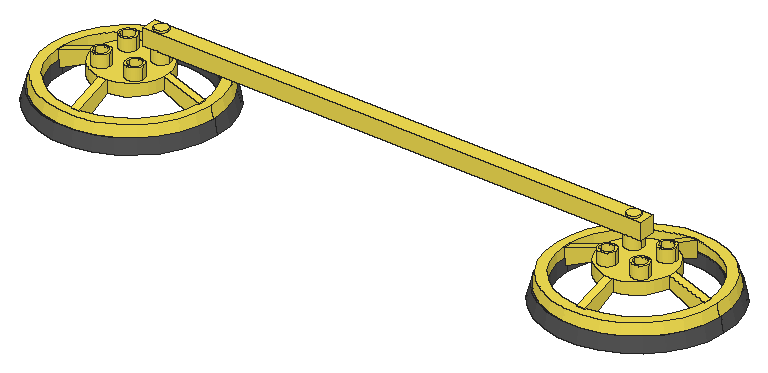
Revit family "Safety-Railing_Section_SafetyRail_Mobile-LowKicker", category Railings, Revit 2026
Family settings
  Classification Number = 23.30.80.11
  Cut with Voids When Loaded = No
  Shared = No
Parameters (values of type "5ft Section")
  Warranty Duration (Years) = 0
  Unit Length = 5' - 0"
  URL = "http://www.safetyrailcompany.com/"
  Test Data = ""
  Standards Conformance = "OSHA Guardrail Reg 1910.23, 1926.500 - .503  ;  Made in USA"
  Specification = "http://www.arcat.com/sdspecs/htm04/05_52_00src.htm"
  SpecWizard = "http://www.arcat.com/specwizard/05522src/index04.htm"
  Side B Mobile Base Plate [instance] = yes
  Side B Base Angle Rotate [instance] = 0.00°
  Side A Mobile Base Plate [instance] = yes
  Side A Base Angle Rotate [instance] = 0.00°
  Show Insertion Points on Bases [instance] = no
  Send Message = ""
  Sales Information = "http://www.safetyrailcompany.com/contact-us/"
  Rubber Base Color [instance] = SafetyRail - Rubber - Black
  Revision = "R1_2017-08"
  Product Properties = "http://www.safetyrailcompany.com/e-brochure/"
  Product Data = "http://www.arcat.com/arcatcos/cos47/arc47628.html"
  Post OD = 0' - 1 5/8"
  Model = "SRC 360 Mobile Low Profile Kicker"
  Manufacturer Website = "http://www.safetyrailcompany.com/"
  Manufacturer Phone - Toll Free = "888-434-2720"
  Manufacturer Phone = ""
  Manufacturer Fax = "888-471-4931"
  Manufacturer Address = "4244 Shoreline Dr.  Spring Park, MN 55384"
  Manufacturer = "Safety Rail Company"
  Maintenance Schedule (Months) = 0
  built-in parameter 1001306 [instance] = 5' - 0"
  Keynote = "05 52 00"
  Installation-Fabrication = ""
  Installation Phase = ""
  Include Rubber Base [instance] = yes
  Green Building-LEED = "http://www.arcat.com/green/clients/leed_data_47628.html"
  Fixture Finish [instance] = SafetyRail - Powder Coat - Safety Yellow
  Expected Lifespan (Years) = 0
  Drawn By = "Sumex Design, Inc. / Robert S. Weygant, CSI, CDT, SCIP"
  Description = "Safety Rail Company Non-Penetrating Fall Protection System - 360 Mobile SRC Low Profile Kicker as Specified"
  Copyright = "©Arcat Inc."
  Construction Details = "http://www.arcat.com/details/safrail/safrail.html?coid=47628"
  Building Codes = ""
  Base Weight = "104 lbs per Base Plate"
  Base Plate Material [instance] = SafetyRail - Powder Coat - Safety Yellow
Reference planes (in)
  plane 1 "Center (Front/Back)": y = 0
  plane 2: z = 0
  plane 3 "Left": x = 0
  plane 4 "Right": x = 60
  plane 5: x = 60
  plane 6: x = -1.625
  plane 7: x = 61.625
Forms (in)
  Extrusion 1, solid, material "SafetyRail - Powder Coat - Safety Yellow" <- "Fixture Finish"
    sketch origin (0, 0, 0) x (0, 1, 0) y (0, 0, 1)
      loop
        line (1, 6) -> (1, 8) -> (-1, 8) -> (-1, 6) -> (1, 6)
    from -1.625 to 61.625
  Extrusion 2, solid, material "SafetyRail - Powder Coat - Safety Yellow" <- "Fixture Finish"
    sketch origin (0, 0, 0) x (1, 0, 0) y (0, 1, 0)
      loop
        circle (0, 0) r 0.8125
      loop
        circle (60, 0) r 0.8125
    from 4.5 to 8.16867
Cuts and joins
  joined: Extrusion 1, Extrusion 2
Lines and regions (in)
  reference lines
    curve 1: line (0, 0, 0) -> (60, 0, 0)
    curve 2: line (0, 0, 0) -> (-6.25, 0, 0)
    curve 3: line (60, 0, 0) -> (56.25, 0, 0)
Dimensions and locks (in)
  "built-in parameter 1001306": plane 3 "Left" to plane 4 "Right"
  "Unit Length": plane 5 to plane 3 "Left"
  locked: plane 3 "Left" to plane 6 at 1.625
  locked: plane 7 to plane 5 at 1.625
  locked: plane 5 to Extrusion 2 sketch curve at 0
  locked: plane 1 "Center (Front/Back)" to Extrusion 2 sketch curve  (x2)
  locked: plane 3 "Left" to Extrusion 2 sketch curve at 0
  "Side B Base Angle Rotate": angle curve 3 to plane 1 "Center (Front/Back)"
  "Side A Base Angle Rotate": angle curve 2 to plane 1 "Center (Front/Back)"
  aligned and locked: plane 4 "Right" to curve 1
  aligned and locked: plane 1 "Center (Front/Back)" to curve 1
  aligned and locked: plane 3 "Left" to curve 1
  aligned and locked: plane 3 "Left" to curve 2
  aligned and locked: plane 1 "Center (Front/Back)" to curve 2
  aligned and locked: plane 1 "Center (Front/Back)" to curve 3
  aligned and locked: plane 5 to curve 3
  aligned and locked: Extrusion 1 to plane 6
  aligned and locked: plane 7 to Extrusion 1
Automatic sketch dimensions
  Extrusion 1 sketch curve to plane 1 "Center (Front/Back)" = 0' - 1"
  plane 1 "Center (Front/Back)" to Extrusion 1 sketch curve = 0' - 1"
  level to Extrusion 1 sketch curve = 0' - 6"
  Extrusion 1 sketch curve to Extrusion 1 sketch curve = 0' - 2"
  radius of Extrusion 2 sketch curve = 0' - 0 13/16"  (x2)
Nested families (in)
  nested 1: "MobileBase" at (-2.12132, -2.12132, 0), Include Rubber Base <- "Include Rubber Base", visible <- "Side A Mobile Base Plate", Rubber Base Color <- "Rubber Base Color", Fixture Finish <- "Base Plate Material", Show Insertion Points <- "Show Insertion Points on Bases", type "MobileBase"
    with Show Insertion Points no, Rubber Base Color SafetyRail - Rubber - Black, Include Rubber Base yes, Fixture Finish SafetyRail - Powder Coat - Safety Yellow
  nested 2: "MobileBase" at (62.12132, -2.12132, 0), Include Rubber Base <- "Include Rubber Base", visible <- "Side B Mobile Base Plate", Rubber Base Color <- "Rubber Base Color", Fixture Finish <- "Base Plate Material", Show Insertion Points <- "Show Insertion Points on Bases", type "MobileBase"
    with Show Insertion Points no, Rubber Base Color SafetyRail - Rubber - Black, Include Rubber Base yes, Fixture Finish SafetyRail - Powder Coat - Safety Yellow
Definition of nested family "MobileBase"
  Parameters
    Warranty Duration (Years) = 0
    Unit Width = 1' - 9 29/32"
    Unit Weight = 0
    Unit Height = 0' - 6"
    URL = ""
    Specification = ""
    SpecWizard = ""
    Show Insertion Points [instance] = yes
    Send Message = ""
    Sales Information = ""
    Rubber Base Color [instance] = none
    Revision = "R1_01-2014"
    Product Properties = ""
    Product Data = ""
    Model = "As Specified"
    Manufacturer Website = ""
    Manufacturer Phone - Toll Free = ""
    Manufacturer Phone = ""
    Manufacturer Fax = ""
    Manufacturer Address = ""
    Manufacturer = ""
    Maintenance Schedule (Months) = 0
    Keynote = ""
    Installation-Fabrication = ""
    Installation Phase = ""
    Include Rubber Base [instance] = yes
    Green Building-LEED = ""
    Fixture Finish [instance] = none
    Expected Lifespan (Years) = 0
    Drawn By = "Sumex Design, Inc. / Robert S. Weygant, CSI, CDT, SCIP"
    Description = ""
    Default Elevation = 0' - 0"  # constant formula
    Copyright = "©Arcat Inc."
    Construction Details = ""
    Assembly Code = ""
  Reference planes (in)
    plane 1 "Center (Front/Back)": y = 0
    plane 2 "Bottom": z = 0
    plane 3 "Center (Left/Right)": x = 0
    plane 4 "Top": z = 6
    plane 5: x = -2.12132
    plane 6: x = 2.12132
    plane 7: y = 2.12132
    plane 8: y = -2.12132
  Forms (in)
    Sweep 1, solid, material <- "Fixture Finish"
      path origin (0, 0, 0) x (1, 0, 0) y (0, 1, 0)
        loop
          circle (0, 0) r 10.95
      profile origin (0, 10.95, 0) x (0, -1, 0) y (0, 0, 1)
        loop
          line (0, 0) -> (2, 0) -> (2, 3) -> (0.80385, 3) -> (0, 0)
    Extrusion 2, solid, material <- "Fixture Finish"
      sketch origin (0, 0, 0) x (1, 0, 0) y (0, 1, 0)
        loop
          circle (0, 0) r 4.5
      from 3 to 4.5
    Extrusion 3, solid, material <- "Fixture Finish"
      sketch origin (0, 0, 0) x (0, 1, 0) y (0, 0, 1)
        loop
          line (8.95, 0.82959) -> (8.95, 3) -> (4.5, 4.5) -> (-4.5, 4.5) -> (-8.95, 3) -> (-8.95, 0.82959) -> (-4.5, 3) -> (4.5, 3) -> (8.95, 0.82959)
      from -0.5 to 0.5
    Extrusion 4, solid, material <- "Fixture Finish"
      sketch origin (0, 0, 0) x (1, 0, 0) y (0, 0, 1)
        loop
          line (-8.95, 0.82959) -> (-4.5, 3) -> (4.5, 3) -> (8.95, 0.82959) -> (8.95, 3) -> (4.5, 4.5) -> (-4.5, 4.5) -> (-8.95, 3) -> (-8.95, 0.82959)
      from -0.5 to 0.5
    Extrusion 5, solid, material <- "Fixture Finish"
      sketch origin (0, 0, 0) x (1, 0, 0) y (0, 1, 0)
        loop
          circle (2.12132, 2.12132) r 0.8125
        loop
          circle (2.12132, 2.12132) r 1.0625
        loop
          circle (-2.12132, 2.12132) r 0.8125
        loop
          circle (-2.12132, 2.12132) r 1.0625
        loop
          circle (2.12132, -2.12132) r 0.8125
        loop
          circle (2.12132, -2.12132) r 1.0625
        loop
          circle (-2.12132, -2.12132) r 0.8125
        loop
          circle (-2.12132, -2.12132) r 1.0625
      from 4.5 to 6
    Sweep 6, solid, material <- "Rubber Base Color", visible <- "Include Rubber Base"
      path origin (0, 0, 0) x (1, 0, 0) y (0, 1, 0)
        loop
          circle (0, 0) r 10.95
      profile origin (0, 10.95, 0) x (0, -1, 0) y (0, 0, 1)
        loop
          line (-0.07881, 0) -> (2.0625, 0) -> (2.0625, 1.73429) -> (0.3536, 1.73429) -> (-0.07881, 0)
  Cuts and joins
    joined: Extrusion 2, Extrusion 3, Extrusion 4
  Lines and regions (in)
    model lines, visible <- "Show Insertion Points"
      curve 1: line (-2.12132, 2.93382, 6) -> (-2.12132, 1.30882, 6)
      curve 2: line (-2.93382, 2.12132, 6) -> (-1.30882, 2.12132, 6)
      curve 3: line (2.12132, 2.93382, 6) -> (2.12132, 1.30882, 6)
      curve 4: line (1.30882, 2.12132, 6) -> (2.93382, 2.12132, 6)
      curve 5: line (2.12132, -1.30882, 6) -> (2.12132, -2.93382, 6)
      curve 6: line (1.30882, -2.12132, 6) -> (2.93382, -2.12132, 6)
      curve 7: line (-2.12132, -1.30882, 6) -> (-2.12132, -2.93382, 6)
      curve 8: line (-2.93382, -2.12132, 6) -> (-1.30882, -2.12132, 6)
  Dimensions and locks (in)
    locked: plane 4 "Top" to level at 6
